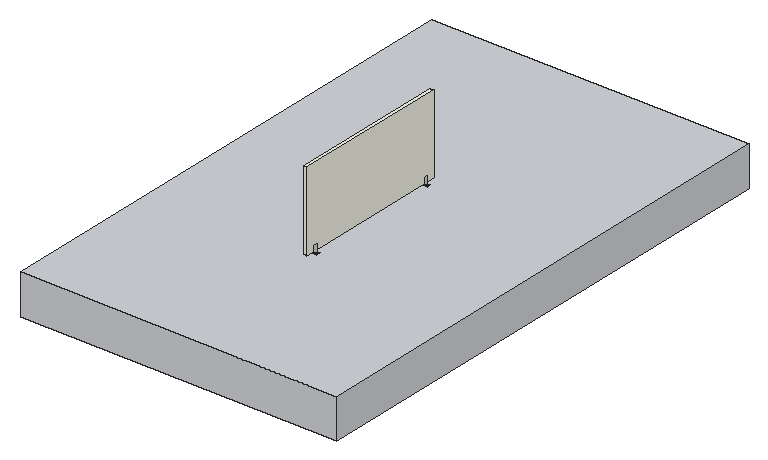
Revit family
Parameters (values of type "48" Urinal Screen")
  Wall Gap = 0' - 0 1/2"
  URL = "www.bobrick.com"
  Type Comments = "DesignerSeries Partitions and Screens with Laminated Plastec Surfaces and Edges"
  Product Page URL = ""
  Partition Material = Laminated Plastic - Bobrick - Designer White
  Panel Thickness = 0' - 1"
  Panel Height = 4' - 0"
  Panel Depth = 2' - 0"
  Model = "1040 Series"
  Manufacturer = "Bobrick Washroom Equipment, Inc."
  Floor Offset = Default Elevation  # 1' - 0"
  Finish Material = Stainless Steel - Bobrick - Satin
  Description = "Wall Hung Urinal Screen"
  Default Elevation = 1' - 0"
  Ceiling Height = 5' - 7"
  Bracket Spacing = 3' - 6"
  Bracket Height = 0' - 3"
  Assembly Code = "C1030210"
  Floor to Ceiling Post = no
Types (4): name | Panel Height | Floor Offset | Description | Default Elevation | Ceiling Height | Bracket Spacing | Bracket Height | Floor to Ceiling Post
  (no name) | 4' - 0" | 1' - 0" | "Wall Hung Urinal Screen" | 1' - 0" | 5' - 7" | 3' - 6" | 0' - 3" | no
  42" Urinal Screen | 3' - 6" | 1' - 6" | "Wall Hung Urinal Screen" | 1' - 6" | 10' - 0" | 3' - 0" | 0' - 3" | no
  48" Urinal Screen | 4' - 0" | 1' - 0" | "Wall Hung Urinal Screen" | 1' - 0" | 5' - 7" | 3' - 6" | 0' - 3" | no
  Urinal Screen B-1043 | 4' - 10" | 1' - 0" | "Post to Ceiling Screen" | 1' - 0" | 8' - 0" | 3' - 10" | 0' - 6" | yes
Reference planes (in)
  plane 1 "Center (Front/Back)": y = 0
  plane 2: z = 0
  plane 3 "Center (Left/Right)": x = 0
  plane 4: y = 48
  plane 5: x = -0.5
  plane 6: x = 0.5
  plane 7: z = 24.5
  plane 8: z = 0.5
  plane 9: y = 3
  plane 10: y = 45
  plane 11: y = 55
  plane 12: y = -12
  plane 13 "Post": z = 25
  plane 14: z = 26.25
  plane 15: x = -0.625
  plane 16: x = 0.625
  plane 17: y = 24
Forms (in)
  Extrusion 1, solid
    sketch origin (0, 0, 0) x (1, 0, 0) y (0, 1, 0)
      loop
        line (-48, 108) -> (-48, -48) -> (48, -48) -> (48, 108) -> (-48, 108)
    from 0 to -12
  Extrusion 2, solid, material "Laminated Plastic - Bobrick - Designer White" <- "Partition Material"
    sketch origin (0, 0, 0) x (1, 0, 0) y (0, 1, 0)
      loop
        line (0.5, 0) -> (0.5, 48) -> (-0.5, 48) -> (-0.5, 0) -> (0.5, 0)
    from 0.5 to 24.5
  Extrusion 3, solid, material "Stainless Steel - Bobrick - Satin" <- "Finish Material", visible <- "Floor to Ceiling Post"
    sketch origin (0, 0, 0) x (1, 0, 0) y (0, 0, 1)
      loop
        line (-0.625, 26.25) -> (-0.625, 25) -> (0.625, 25) -> (0.625, 26.25) -> (-0.625, 26.25)
    from -55 to 12
Lines and regions (in)
  Masking region 1
    outline origin (0, 0, 0) x (0, 1, 0) y (0, 0, 1)
      loop
        line (48, 0.5) -> (48, 24.5) -> (0, 24.5) -> (0, 0.5) -> (2.5, 0.5) -> (2.5, 0) -> (3.5, 0) -> (3.5, 0.5) -> (44.5, 0.5) -> (44.5, 0) -> (45.5, 0) -> (45.5, 0.5) -> (48, 0.5)
  Masking region 2
    outline origin (0, 0, 0) x (1, 0, 0) y (0, 0, 1)
      loop
        line (0.5, 2.25) -> (0.5, 24.5) -> (-0.5, 24.5) -> (-0.5, 2.25) -> (-0.625, 2.25) -> (-0.625, 0.125) -> (-1.5, 0.125) -> (-1.5, 0) -> (1.5, 0) -> (1.5, 0.125) -> (0.625, 0.125) -> (0.625, 2.25) -> (0.5, 2.25)
  Masking region 3
    outline origin (0, 0, 0) x (1, 0, 0) y (0, 1, 0)
      loop
        line (0.5, 48) -> (-0.5, 48) -> (-0.5, 45.5) -> (-1.5, 45.5) -> (-1.5, 44.5) -> (-0.5, 44.5) -> (-0.5, 3.5) -> (-1.5, 3.5) -> (-1.5, 2.5) -> (-0.5, 2.5) -> (-0.5, 0) -> (0.5, 0) -> (0.5, 2.5) -> (1.5, 2.5) -> (1.5, 3.5) -> (0.5, 3.5) -> (0.5, 44.5) -> (1.5, 44.5) -> (1.5, 45.5) -> (0.5, 45.5) -> (0.5, 48)
  Masking region 4, visible <- "Floor to Ceiling Post"
    outline origin (0, 0, 0) x (1, 0, 0) y (0, 0, 1)
      loop
        line (-0.5, 22.75) -> (-0.5, 24.875) -> (0.5, 24.875) -> (0.5, 22.75) -> (0.625, 22.75) -> (0.625, 26.25) -> (-0.625, 26.25) -> (-0.625, 22.75) -> (-0.5, 22.75)
  Masking region 5, visible <- "Floor to Ceiling Post"
    outline origin (0, 0, 0) x (0, 1, 0) y (0, 0, 1)
      loop
        line (55, 26.25) -> (-12, 26.25) -> (-12, 25) -> (2.5, 25) -> (2.5, 22.75) -> (3.5, 22.75) -> (3.5, 25) -> (23.5, 25) -> (23.5, 22.75) -> (24.5, 22.75) -> (24.5, 25) -> (44.5, 25) -> (44.5, 22.75) -> (45.5, 22.75) -> (45.5, 25) -> (55, 25) -> (55, 26.25)
  symbolic lines, style "Urinal Screens"
    curve 1: line (0, 3.5, 0.5) -> (0, 3.5, 2.25)
    curve 2: line (0, 3.5, 2.25) -> (0, 2.5, 2.25)
    curve 3: line (0, 2.5, 2.25) -> (0, 2.5, 0.5)
    curve 4: line (0, 3.5, 0.125) -> (0, 2.5, 0.125)
    curve 5: line (0, 45.5, 0.5) -> (0, 45.5, 2.25)
    curve 6: line (0, 45.5, 2.25) -> (0, 44.5, 2.25)
    curve 7: line (0, 44.5, 2.25) -> (0, 44.5, 0.5)
    curve 8: line (0, 45.5, 0.125) -> (0, 44.5, 0.125)
    curve 9: line (0.5, 0, 2.25) -> (0.5, 0, 0.125)
    curve 10: line (0.5, 0, 0.125) -> (-0.5, 0, 0.125)
    curve 11: line (-0.5, 0, 0.125) -> (-0.5, 0, 2.25)
    curve 12: line (0.5, 0, 0.5) -> (-0.5, 0, 0.5)
    curve 13: line (0.625, 3.5, 0) -> (0.625, 2.5, 0)
    curve 14: line (-0.625, 3.5, 0) -> (-0.625, 2.5, 0)
    curve 15: line (-0.5, 3.5, 0) -> (-0.5, 2.5, 0)
    curve 16: line (0.5, 3.5, 0) -> (0.5, 2.5, 0)
    curve 17: line (-0.5, 45.5, 0) -> (-0.5, 44.5, 0)
    curve 18: line (-0.625, 45.5, 0) -> (-0.625, 44.5, 0)
    curve 19: line (0.5, 45.5, 0) -> (0.5, 44.5, 0)
    curve 20: line (0.625, 45.5, 0) -> (0.625, 44.5, 0)
  symbolic lines, style "Urinal Screens", visible <- "Floor to Ceiling Post"
    curve 21: line (0, 45.5, 25) -> (0, 44.5, 25)
    curve 22: line (0, 24.5, 25) -> (0, 23.5, 25)
    curve 23: line (0, 3.5, 25) -> (0, 2.5, 25)
    curve 24: line (-0.625, 0, 25) -> (0.625, 0, 25)
Dimensions and locks (in)
  equal spacing: plane 5, plane 3 "Center (Left/Right)", plane 6
  "Panel Thickness": plane 5 to plane 6
  "Panel Height": plane 1 "Center (Front/Back)" to plane 4
  "Wall Gap": plane 8 to level
  "Panel Depth": plane 7 to plane 8
  "Bracket Height": plane 1 "Center (Front/Back)" to plane 9
  "Bracket Spacing": plane 10 to plane 9
  "Floor Offset": plane 12 to plane 1 "Center (Front/Back)"
  "Ceiling Height": plane 11 to plane 12
  "Wall Gap": plane 13 "Post" to plane 7
  locked: plane 14 to plane 13 "Post" at 1.25
  plane 15 to plane 3 "Center (Left/Right)" to plane 16 = 0' - 0 5/8" locked, 0' - 0 5/8" locked
  equal spacing: plane 10, plane 17, plane 9
  aligned and locked: plane 2 to Extrusion 1
  aligned and locked: level to Extrusion 1
  aligned and locked: Extrusion 2 sketch curve to plane 1 "Center (Front/Back)"
  aligned and locked: plane 6 to Extrusion 2 sketch curve
  aligned and locked: Extrusion 2 sketch curve to plane 4
  aligned and locked: plane 5 to Extrusion 2 sketch curve
  aligned and locked: plane 7 to Extrusion 2
  aligned and locked: Extrusion 2 to plane 8
  aligned and locked: nested 1 to level
  aligned and locked: plane 3 "Center (Left/Right)" to nested 1
  aligned and locked: nested 1 to plane 9
  aligned and locked: nested 2 to level
  aligned and locked: nested 2 to plane 10
  aligned and locked: Masking region 1 sketch curve to Extrusion 2  (x4)
  aligned and locked: nested 1 to Masking region 1 sketch curve
  aligned and locked: Masking region 1 sketch curve to nested 1  (x2)
  aligned and locked: Masking region 1 sketch curve to nested 2  (x2)
  aligned and locked: nested 2 to Masking region 1 sketch curve
  aligned and locked: Extrusion 2 to Masking region 2 sketch curve
  aligned and locked: Masking region 2 sketch curve to Extrusion 2
  aligned and locked: Extrusion 1 to Masking region 2 sketch curve
  aligned and locked: Masking region 2 sketch curve to nested 2  (x7)
  aligned and locked: Masking region 3 sketch curve to Extrusion 2  (x4)
  aligned and locked: Masking region 3 sketch curve to nested 1  (x4)
  aligned and locked: Masking region 3 sketch curve to nested 2  (x4)
  aligned and locked: Extrusion 3 sketch curve to plane 14
  aligned and locked: Extrusion 3 sketch curve to plane 15
  aligned and locked: plane 13 "Post" to Extrusion 3 sketch curve
  aligned and locked: Extrusion 3 sketch curve to plane 16
  aligned and locked: plane 11 to Extrusion 3
  aligned and locked: Extrusion 3 to plane 12
  aligned and locked: plane 13 "Post" to nested 3
  aligned and locked: plane 3 "Center (Left/Right)" to nested 3
  aligned and locked: nested 3 to plane 10
  aligned and locked: nested 5 to plane 9
  aligned and locked: plane 17 to nested 4
  aligned and locked: plane 7 to Masking region 2 sketch curve
  aligned and locked: Masking region 4 sketch curve to plane 14
  aligned and locked: Masking region 4 sketch curve to plane 16
  aligned and locked: Masking region 4 sketch curve to plane 15
  aligned and locked: Masking region 4 sketch curve to plane 5
  aligned and locked: Masking region 4 sketch curve to plane 6
  aligned and locked: Masking region 4 sketch curve to nested 5  (x3)
  aligned and locked: plane 14 to Masking region 5 sketch curve
  aligned and locked: Masking region 5 sketch curve to plane 12
  aligned and locked: Masking region 5 sketch curve to plane 13 "Post"  (x4)
  aligned and locked: nested 5 to Masking region 5 sketch curve
  aligned and locked: Masking region 5 sketch curve to nested 5  (x2)
  aligned and locked: nested 4 to Masking region 5 sketch curve
  aligned and locked: Masking region 5 sketch curve to nested 4  (x2)
  aligned and locked: plane 11 to Masking region 5 sketch curve
  aligned and locked: Masking region 5 sketch curve to nested 3
  aligned and locked: nested 3 to Masking region 5 sketch curve
  aligned and locked: Masking region 5 to nested 3
  aligned and locked: plane 13 "Post" to nested 4
  aligned and locked: plane 13 "Post" to nested 5
Automatic sketch dimensions
  Extrusion 1 sketch curve to Extrusion 1 sketch curve = 8' - 0"
  Extrusion 1 sketch curve to Extrusion 1 sketch curve = 13' - 0"
  plane 10 to Masking region 3 sketch curve = 0' - 0 1/2"
  Masking region 3 sketch curve to plane 5 = 0' - 0"  (x2)
  Masking region 3 sketch curve to plane 6 = 0' - 0"  (x2)
  Masking region 3 sketch curve to plane 10 = 0' - 0 1/2"
  plane 9 to Masking region 3 sketch curve = 0' - 0 1/2"
  Masking region 3 sketch curve to plane 9 = 0' - 0 1/2"
  curve 15 to plane 5 = 0' - 0"
  curve 17 to plane 5 = 0' - 0"
  curve 19 to plane 6 = 0' - 0"
  curve 16 to plane 6 = 0' - 0"
  curve 18 to curve 17 = 0' - 0 1/8"
  curve 14 to plane 5 = 0' - 0 1/8"
  curve 13 to plane 6 = 0' - 0 1/8"
  curve 20 to plane 6 = 0' - 0 1/8"
  curve 13 to plane 9 = 0' - 0 1/2"
  curve 15 to plane 9 = 0' - 0 1/2"
  curve 14 to curve 15 = 0' - 0"  (x2)
  curve 16 to curve 13 = 0' - 0"  (x2)
  plane 9 to curve 15 = 0' - 0 1/2"
  plane 9 to curve 16 = 0' - 0 1/2"
  curve 20 to plane 10 = 0' - 0 1/2"
  curve 17 to plane 10 = 0' - 0 1/2"
  curve 19 to curve 20 = 0' - 0"  (x2)
  curve 18 to curve 17 = 0' - 0"  (x2)
  plane 10 to curve 18 = 0' - 0 1/2"
  plane 10 to curve 20 = 0' - 0 1/2"
  level to Masking region 2 sketch curve = 0' - 0 1/8"
  curve 3 to plane 8 = 0' - 0"
  curve 23 to plane 13 "Post" = 0' - 0"
  curve 1 to plane 8 = 0' - 0"
  curve 22 to plane 13 "Post" = 0' - 0"
  curve 7 to plane 8 = 0' - 0"
  curve 21 to plane 13 "Post" = 0' - 0"
  curve 5 to plane 8 = 0' - 0"
  curve 2 to plane 9 = 0' - 0 1/2"
  level to curve 4 = 0' - 0 1/8"
  curve 4 to curve 3 = 0' - 0"
  curve 23 to plane 9 = 0' - 0 1/2"
  plane 9 to curve 1 = 0' - 0 1/2"
  curve 4 to curve 1 = 0' - 0"
  plane 9 to curve 23 = 0' - 0 1/2"
  plane 17 to curve 22 = 0' - 0 1/2"
  curve 22 to plane 17 = 0' - 0 1/2"
  level to curve 8 = 0' - 0 1/8"
  curve 8 to plane 10 = 0' - 0 1/2"
  curve 7 to plane 10 = 0' - 0 1/2"
  curve 21 to plane 10 = 0' - 0 1/2"
  plane 10 to curve 21 = 0' - 0 1/2"
  plane 10 to curve 8 = 0' - 0 1/2"
  plane 10 to curve 6 = 0' - 0 1/2"
  curve 3 to curve 2 = 0' - 1 3/4"
  plane 8 to curve 5 = 0' - 1 3/4"
  curve 24 to plane 13 "Post" = 0' - 0"
  plane 15 to curve 24 = 0' - 0"
  curve 12 to plane 5 = 0' - 0"
  plane 6 to curve 12 = 0' - 0"
  curve 24 to plane 16 = 0' - 0"
  curve 12 to plane 8 = 0' - 0"
  level to curve 11 = 0' - 0 1/8"
  plane 8 to curve 11 = 0' - 1 3/4"
  curve 9 to curve 11 = 0' - 0"
  Masking region 1 sketch curve to plane 8 = 0' - 0"  (x2)
  Masking region 5 sketch curve to plane 7 = 0' - 1 3/4"
Nested families (in)
  nested 1: "Wall_Hung_Bracket-Bobrick" at (0, 2.5, 0), type "1 Inch Panel"
  nested 2: "Wall_Hung_Bracket-Bobrick" at (0, 44.5, 0), type "1 Inch Panel"
  nested 3: "Panel_to_Post_Bracket-Bobrick" at (0, 44.5, 25), visible <- "Floor to Ceiling Post", type "1 Inch Panel"
  nested 4: "Panel_to_Post_Bracket-Bobrick" at (0, 23.5, 25), visible <- "Floor to Ceiling Post", type "1 Inch Panel"
  nested 5: "Panel_to_Post_Bracket-Bobrick" at (0, 2.5, 25), visible <- "Floor to Ceiling Post", type "1 Inch Panel"
Definition of nested family "Wall_Hung_Bracket-Bobrick"
  Parameters (values of type "1 Inch Panel")
    Panel Thickness = 0' - 1"
  Types (3): name | Panel Thickness
    (no name) | 0' - 1"
    1 Inch Panel | 0' - 1"
    3/4 Inch Panel | 0' - 0 3/4"
  Reference planes (in)
    plane 1 "Center (Front/Back)": y = 0
    plane 2: z = 0
    plane 3 "Center (Left/Right)": x = 0
    plane 4: y = 1
    plane 5: x = 1.5
    plane 6: x = -1.5
    plane 7: x = -0.5
    plane 8: x = 0.5
    plane 9: x = -0.625
    plane 10: x = 0.625
    plane 11: z = 0.125
    plane 12: z = 2.25
    plane 13: y = 0.5
  Forms (in)
    Extrusion 1, solid, material "Stainless Steel - Bobrick - Satin"
      sketch origin (0, 0, 0) x (1, 0, 0) y (0, 1, 0)
        loop
          line (-1.5, 1) -> (-1.5, 0) -> (1.5, 0) -> (1.5, 1) -> (-1.5, 1)
      from 0 to 0.125
    Extrusion 2, solid, material "Stainless Steel - Bobrick - Satin"
      sketch origin (0, 0, 0) x (1, 0, 0) y (0, 1, 0)
        loop
          line (-0.625, 1) -> (-0.625, 0) -> (-0.5, 0) -> (-0.5, 1) -> (-0.625, 1)
      from 0.125 to 2.25
    Extrusion 3, solid, material "Stainless Steel - Bobrick - Satin"
      sketch origin (0, 0, 0) x (1, 0, 0) y (0, 1, 0)
        loop
          line (0.5, 1) -> (0.5, 0) -> (0.625, 0) -> (0.625, 1) -> (0.5, 1)
      from 0.125 to 2.25
  Cuts and joins
    joined: Extrusion 1, Extrusion 2, Extrusion 3
  Dimensions and locks (in)
    equal spacing: plane 6, plane 3 "Center (Left/Right)", plane 5
    plane 6 to plane 5 = 0' - 3"
    plane 1 "Center (Front/Back)" to plane 4 = 0' - 1"
    equal spacing: plane 7, plane 3 "Center (Left/Right)", plane 8
    "Panel Thickness": plane 7 to plane 8
    locked: plane 9 to plane 7 at 0.125
    locked: plane 8 to plane 10 at 0.125
    locked: plane 11 to level at 0.125
    locked: plane 12 to level at 2.25
    plane 4 to plane 13 to plane 1 "Center (Front/Back)" = 0' - 0 1/2" locked, 0' - 0 1/2" locked
    aligned and locked: plane 2 to level
    aligned and locked: Extrusion 1 sketch curve to plane 4
    aligned and locked: Extrusion 1 sketch curve to plane 6
    aligned and locked: Extrusion 1 sketch curve to plane 1 "Center (Front/Back)"
    aligned and locked: Extrusion 1 sketch curve to plane 5
    aligned and locked: Extrusion 1 to level
    aligned and locked: plane 11 to Extrusion 1
    aligned and locked: Extrusion 2 sketch curve to plane 4
    aligned and locked: plane 9 to Extrusion 2 sketch curve
    aligned and locked: Extrusion 2 sketch curve to plane 1 "Center (Front/Back)"
    aligned and locked: Extrusion 2 sketch curve to plane 7
    aligned and locked: Extrusion 2 to plane 11
    aligned and locked: plane 12 to Extrusion 2
    aligned and locked: plane 10 to Extrusion 3 sketch curve
    aligned and locked: Extrusion 3 sketch curve to plane 8
    aligned and locked: Extrusion 3 sketch curve to plane 4
    aligned and locked: Extrusion 3 sketch curve to plane 1 "Center (Front/Back)"
    aligned and locked: plane 12 to Extrusion 3
    aligned and locked: Extrusion 3 to plane 11
Definition of nested family "Panel_to_Post_Bracket-Bobrick"
  Parameters (values of type "1 Inch Panel")
    Panel Thickness = 0' - 1"
    Assembly Code = ""
  Reference planes (in)
    plane 1 "Center (Front/Back)": y = 0
    plane 2: z = 0
    plane 3 "Center (Left/Right)": x = 0
    plane 4: y = 1
    plane 5: x = -0.5
    plane 6: x = 0.5
    plane 7: x = -0.625
    plane 8: x = 0.625
    plane 9: z = -0.125
    plane 10: z = -2.25
    plane 11: y = 0.5
  Forms (in)
    Extrusion 1, solid, material "Stainless Steel - Bobrick - Satin"
      sketch origin (0, 0, 0) x (1, 0, 0) y (0, 1, 0)
        loop
          line (-0.625, 1) -> (-0.625, 0) -> (0.625, 0) -> (0.625, 1) -> (-0.625, 1)
      from 0 to -0.125
    Extrusion 2, solid, material "Stainless Steel - Bobrick - Satin"
      sketch origin (0, 0, 0) x (1, 0, 0) y (0, 1, 0)
        loop
          line (-0.625, 1) -> (-0.625, 0) -> (-0.5, 0) -> (-0.5, 1) -> (-0.625, 1)
      from -0.125 to -2.25
    Extrusion 3, solid, material "Stainless Steel - Bobrick - Satin"
      sketch origin (0, 0, 0) x (1, 0, 0) y (0, 1, 0)
        loop
          line (0.5, 1) -> (0.5, 0) -> (0.625, 0) -> (0.625, 1) -> (0.5, 1)
      from -0.125 to -2.25
  Cuts and joins
    joined: Extrusion 1, Extrusion 2, Extrusion 3
  Dimensions and locks (in)
    plane 1 "Center (Front/Back)" to plane 4 = 0' - 1"
    equal spacing: plane 5, plane 3 "Center (Left/Right)", plane 6
    "Panel Thickness": plane 5 to plane 6
    locked: plane 7 to plane 5 at 0.125
    locked: plane 6 to plane 8 at 0.125
    locked: level to plane 9 at 0.125
    locked: level to plane 10 at 2.25
    plane 4 to plane 11 to plane 1 "Center (Front/Back)" = 0' - 0 1/2" locked, 0' - 0 1/2" locked
    aligned and locked: plane 2 to level
    aligned and locked: Extrusion 1 sketch curve to plane 4
    aligned and locked: Extrusion 1 sketch curve to plane 1 "Center (Front/Back)"
    aligned and locked: Extrusion 1 to level
    aligned and locked: plane 9 to Extrusion 1
    aligned and locked: Extrusion 2 sketch curve to plane 4
    aligned and locked: plane 7 to Extrusion 2 sketch curve
    aligned and locked: Extrusion 2 sketch curve to plane 1 "Center (Front/Back)"
    aligned and locked: Extrusion 2 sketch curve to plane 5
    aligned and locked: Extrusion 2 to plane 9
    aligned and locked: plane 10 to Extrusion 2
    aligned and locked: plane 8 to Extrusion 3 sketch curve
    aligned and locked: Extrusion 3 sketch curve to plane 6
    aligned and locked: Extrusion 3 sketch curve to plane 4
    aligned and locked: Extrusion 3 sketch curve to plane 1 "Center (Front/Back)"
    aligned and locked: plane 10 to Extrusion 3
    aligned and locked: Extrusion 3 to plane 9
    aligned and locked: Extrusion 1 to plane 7
    aligned and locked: Extrusion 1 to plane 8
  Automatic sketch dimensions
    Extrusion 1 sketch curve to plane 8 = 0' - 0"
    Extrusion 1 sketch curve to plane 7 = 0' - 0"
